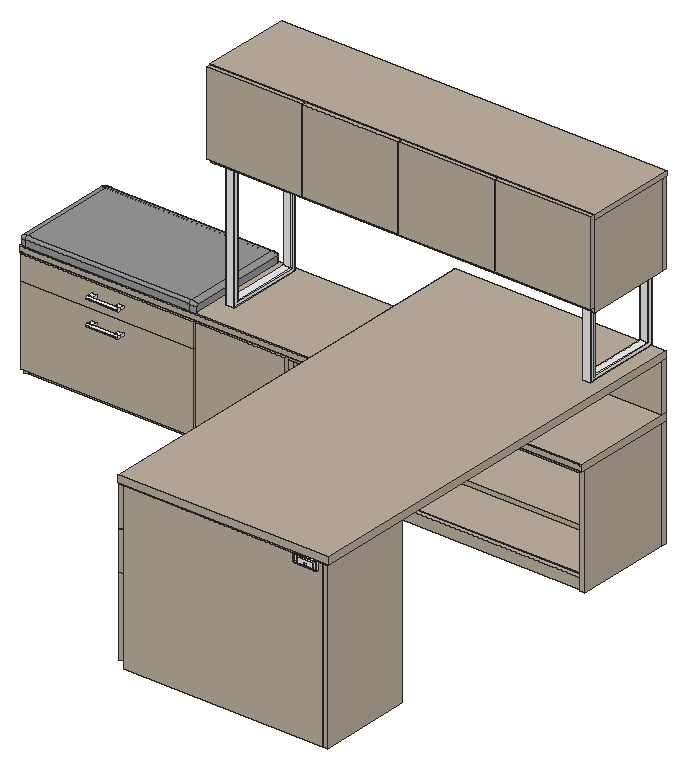
Revit family "VL010family", category Furniture, Revit 2015
Parameters
  Species = "Vision Laminate"
  Manufacturer = "JSI"
  Description = "VL010"
Reference planes (in)
  plane 1 "Center Front/Back": y = 0
  plane 2: z = 0
  plane 3 "Center Left/Right": x = 0
Dimensions and locks (in)
  aligned and locked: level to plane 2
Nested families (in)
  nested 1: "JSI-Vision-Rectangle_Desk_Top" at (0, 0, -1.7400107) x (0, -1, 0) z (0, 0, 1), type "VL3672MCT, Laminate Rectangular Desk Top, 36" x 72""
    with Depth 3' - 0"
  nested 2: "JSI-Vision-Bench_H_Modular_Top" at (-95.9545236, -0.049993, -0.7459185), type "VLB1896MT, Laminate Mod Bench H Top, 18" x 96""
    with Width 8' - 0", Depth 1' - 6"
  nested 3: "JSI-Vision_Bench_Height_T_Sup" at (0.45464, -10.8, 19.9415815), type "VLB1036TSP, Laminate 36  Bench Height T Supports"
    with Width 2' - 11 5/8"
  nested 4: "JSI-Vision-BF_Modular_Bench_Ped" at (-95.9569301, -0.049993, 0), type "VLB1830MBF, Laminate BF Modular Bench H Ped"
    with Width 2' - 6"
  nested 5: "JSI-Vision-Sld_Door_Modular_Bench_Ped" at (-65.9569301, -0.1727771, 0), type "VLB1830MSD, Laminate Sld Door Modular Bench H Ped"
  nested 6: "JSI-Vision-Open_Shelf_Modular_Bench_Ped" at (-35.9569301, -0.049993, 0), type "VLB1836MOS, Laminate OS Modular Bench H Ped"
    with Width 3' - 0"
  nested 7: "JSI-Vision-Modular_BBF_Pedestal" at (-0.1444949, -55.7451225, 0) x (0, -1, 0) z (0, 0, 1), type "VL1636MBBF, Laminate Modular BBF Ped"
    with Ped Depth 3' - 0"
  nested 8: "JSI-Vision-Bench_H_Cushion" at (-95.9569301, -0.049993, 0.4597902), type "VS1830CUSH, 18d Bench H Cushion, 30 W"
    with Width 2' - 6", Depth 1' - 6"
  nested 9: "JSI-Vision-OH_Cab-Split_H_Post" at (0, 0.4511953, -10.0237654) x (-1, 0, 0) z (0, 0, 1), type "VL1666PSHD-2737, Laminate Split Height Post Support Overhead Cab. 16" x 66", 4 Doors"
    with Width 5' - 6", Verticall Partition Distance 2' - 9", Unit Centre 2' - 9", Door Width 1' - 4 5/16", Door Array Spacing 1' - 4 7/16"
Definition of nested family "JSI-Vision-Rectangle_Desk_Top"
  Parameters (values of type "VL3072MCT, Laminate Rectangular Desk Top, 30" x 72"")
    Worksurface = none
    Width = 6' - 0"
    URL = "www.jsifurniture.com"
    Type Comments = ""
    Series = "VISION CASEGOODS"  # constant formula
    Model = "VL3072MCT"
    Material = ""
    Manufacturer = "JSI"  # constant formula
    Keynote = "12500"
    JSI Enviromental Website = "http://www.jsifurniture.com/jsi_sustainability_intro.php"
    Height = 2' - 6"
    Description = "Laminate Modular Rectangular Desk Top, 30\" x 72\""
    Depth = 2' - 6"
    Assembly Code = "E2020200"
  Reference planes (in)
    plane 1 "Center Front/Back": y = 0
    plane 2: z = 0
    plane 3 "Center Left/Right": x = 0
    plane 4: z = 0
    plane 5: x = 72
    plane 6: y = -30
    plane 7: z = 31.1875
    plane 8: z = 30
  Forms (in)
    Extrusion 1, solid, material <- "Worksurface"
      sketch origin (0, 0, 28) x (0, 1, 0) y (0, 0, 1)
        loop
          line (-29.8818899, 2) -> (0, 2) -> (0, 3.1875) -> (-29.8818897, 3.1875)
          arc (-29.8818897, 3.1875) -> (-29.9654063, 3.1529063) -> (-30, 3.0693897) r 0.1181103
          line (-30, 3.0693897) -> (-30, 2.1181101)
          arc (-30, 2.1181101) -> (-29.9654064, 2.0345936) -> (-29.8818899, 2) r 0.1181101
      from 0 to 72
  Lines and regions (in)
    symbolic lines
      curve 1: line (0, 0, 0) -> (72, 0, 0)
      curve 2: line (0, -30, 0) -> (0, 0, 0)
      curve 3: line (72, -30, 0) -> (0, -30, 0)
      curve 4: line (72, 0, 0) -> (72, -30, 0)
  Dimensions and locks (in)
    "Depth": plane 6 to plane 1 "Center Front/Back"
    "Width": plane 5 to plane 3 "Center Left/Right"
    locked: plane 7 to plane 8 at 1.1875
    "Height": plane 8 to level
    aligned and locked: level to plane 2
    aligned and locked: plane 5 to Extrusion 1
    aligned and locked: curve 1 to Extrusion 1
    aligned and locked: curve 2 to Extrusion 1
    aligned and locked: curve 3 to plane 6
    aligned and locked: curve 4 to plane 5
    aligned and locked: Extrusion 1 to plane 8
    aligned and locked: Extrusion 1 to plane 7
  Automatic sketch dimensions
    Extrusion 1 sketch curve to plane 6 = 0' - 0"
    level to Extrusion 1 sketch curve = 2' - 6"
    Extrusion 1 sketch curve to plane 7 = 0' - 0"
    Extrusion 1 sketch curve to plane 1 "Center Front/Back" = 0' - 0"
    Extrusion 1 sketch curve to Extrusion 1 sketch curve = 0' - 0.11811"
    plane 6 to Extrusion 1 sketch curve = 0' - 0.11811"
Definition of nested family "JSI-Vision-Bench_H_Modular_Top"
  Parameters (values of type "Bench H Modular Top - Type Catalog Family")
    Worksurface = none
    Width = 3' - 6"
    URL = "www.jsifurniture.com"
    Type Comments = ""
    Series = "VISION CASEGOODS"  # constant formula
    Model = "VLB3042MT"
    Material = ""
    Manufacturer = "JSI"  # constant formula
    Keynote = "12500"
    JSI Enviromental Website = "http://www.jsifurniture.com/jsi_sustainability_intro.php"
    Height = 1' - 7 1/2"
    Description = "Laminate Modular Bench Height Top, 30\" x 42\""
    Depth = 2' - 6"
    Assembly Code = "E2020200"
  Reference planes (in)
    plane 1 "Center Front/Back": y = 0
    plane 2: z = 0
    plane 3 "Center Left/Right": x = 0
    plane 4: z = 0
    plane 5: x = 42
    plane 6: y = -30
    plane 7: z = 20.6875
    plane 8: z = 19.5
  Forms (in)
    Extrusion 1, solid, material <- "Worksurface"
      sketch origin (0, 0, 28) x (0, 1, 0) y (0, 0, 1)
        loop
          line (-29.8818899, -8.5) -> (0, -8.5) -> (0, -7.3125) -> (-29.8818897, -7.3125)
          arc (-29.8818897, -7.3125) -> (-29.9654063, -7.3470937) -> (-30, -7.4306103) r 0.1181103
          line (-30, -7.4306103) -> (-30, -8.3818899)
          arc (-30, -8.3818899) -> (-29.9654064, -8.4654064) -> (-29.8818899, -8.5) r 0.1181101
      from 0 to 42
  Lines and regions (in)
    symbolic lines
      curve 1: line (0, 0, 0) -> (42, 0, 0)
      curve 2: line (0, -30, 0) -> (0, 0, 0)
      curve 3: line (42, -30, 0) -> (0, -30, 0)
      curve 4: line (42, 0, 0) -> (42, -30, 0)
  Dimensions and locks (in)
    "Depth": plane 6 to plane 1 "Center Front/Back"
    "Width": plane 5 to plane 3 "Center Left/Right"
    locked: plane 7 to plane 8 at 1.1875
    "Height": plane 8 to level
    aligned and locked: level to plane 2
    aligned and locked: plane 5 to Extrusion 1
    aligned and locked: curve 1 to Extrusion 1
    aligned and locked: curve 2 to Extrusion 1
    aligned and locked: plane 6 to curve 3
    aligned and locked: curve 4 to plane 5
    aligned and locked: Extrusion 1 to plane 8
    aligned and locked: Extrusion 1 to plane 7
  Automatic sketch dimensions
    Extrusion 1 sketch curve to plane 6 = 0' - 0"
    level to Extrusion 1 sketch curve = 1' - 7 1/2"
    Extrusion 1 sketch curve to plane 7 = 0' - 0"
    Extrusion 1 sketch curve to plane 1 "Center Front/Back" = 0' - 0"
    Extrusion 1 sketch curve to Extrusion 1 sketch curve = 0' - 0.11811"
    plane 6 to Extrusion 1 sketch curve = 0' - 0.11811"
Definition of nested family "JSI-Vision_Bench_Height_T_Sup"
  Parameters (values of type "Bench Height T Support - Type Catalog Family")
    Chassis = none
    Width = 1' - 11 5/8"
    URL = "www.jsifurniture.com"
    Type Comments = ""
    Series = "VISION CASEGOODS"  # constant formula
    Model = "VLB1024TSP"
    Material = ""
    Manufacturer = "JSI"  # constant formula
    Keynote = "12500"
    JSI Enviromental Website = "http://www.jsifurniture.com/jsi_sustainability_intro.php"
    Height = 0' - 8 5/16"
    Grommet Finish = none
    Description = "Bench Height \"T\" Supports, Depth 9 3/4\"”, Width 23 5/8\"”,Height 8 5/16\"”, Laminate Worksurface"
    Depth = 0' - 9 3/4"
    Assembly Code = "E2020200"
  Reference planes (in)
    plane 1: z = 0
    plane 2 "Center (Left/Right)": x = -36.0641344
    plane 3: z = 8.3125
    plane 4: y = 1
    plane 5 "Center (Front/Back)": y = 10.75
    plane 6: x = -24.2516344
    plane 7: x = -12.4391344
    plane 8: z = 6.9211195
    plane 9: y = 10
    plane 10: y = 8
    plane 11: z = 6.875
    plane 12: x = -23.8766344
    plane 13: x = -24.6266344
  Forms (in)
    Extrusion 1, solid, material <- "Chassis"
      sketch origin (0, 10.75, 0) x (1, 0, 0) y (0, 0, 1)
        loop
          line (-36.0641344, 8.3125) -> (-36.0641344, 0) -> (-12.4391344, 0) -> (-12.4391344, 8.3125) -> (-22.2719669, 8.3125) -> (-22.2719669, 7.1711195)
          arc (-22.2719669, 7.1711195) -> (-22.3451902, 6.9943428) -> (-22.5219669, 6.9211195) r 0.25
          line (-22.5219669, 6.9211195) -> (-25.981302, 6.9211195)
          arc (-25.981302, 6.9211195) -> (-26.1580787, 6.9943428) -> (-26.231302, 7.1711195) r 0.25
          line (-26.231302, 7.1711195) -> (-26.231302, 8.3125) -> (-36.0641344, 8.3125)
      from 0 to 0.75
    Extrusion 2, solid, material <- "Chassis"
      sketch origin (-36.0641344, 0, 0) x (0, 1, 0) y (0, 0, 1)
        loop
          line (10, 6.875) -> (8.25, 6.875)
          arc (8.25, 6.875) -> (8.0732233, 6.9482233) -> (8, 7.125) r 0.25
          line (8, 7.125) -> (8, 8.3125) -> (1, 8.3125) -> (1, 0) -> (10, 0) -> (10, 6.875)
      from 11.4375 to 12.1875
  Lines and regions (in)
    symbolic lines
      curve 1: line (-12.4391344, 10.75, 0) -> (-36.0641344, 10.75, 0)
      curve 2: line (-36.0641344, 10.75, 0) -> (-36.0641344, 10, 0)
      curve 3: line (-36.0641344, 10, 0) -> (-12.4391344, 10, 0)
      curve 4: line (-12.4391344, 10, 0) -> (-12.4391344, 10.75, 0)
      curve 5: line (-24.6266344, 10, 0) -> (-24.6266344, 1, 0)
      curve 6: line (-23.8766344, 1, 0) -> (-23.8766344, 10, 0)
      curve 7: line (-24.6266344, 1, 0) -> (-23.8766344, 1, 0)
  Dimensions and locks (in)
    "Height": plane 3 to level
    "Depth": plane 5 "Center (Front/Back)" to plane 4
    equal spacing: plane 2 "Center (Left/Right)", plane 6, plane 7
    "Width": plane 2 "Center (Left/Right)" to plane 7
    locked: plane 3 to plane 8 at 1.3913805
    locked: plane 5 "Center (Front/Back)" to plane 9 at 0.75
    locked: plane 3 to plane 11 at 1.4375
    locked: plane 5 "Center (Front/Back)" to plane 10 at 2.75
    plane 12 to plane 6 to plane 13 = 0' - 0 3/8" locked, 0' - 0 3/8" locked
    Extrusion 1 sketch curve to plane 6 to Extrusion 1 sketch curve = 0' - 1.97967" locked, 0' - 1.97967" locked
    locked: nested 1 to plane 6 at 1.8900002
    aligned and locked: level to plane 1
    aligned and locked: plane 8 to Extrusion 1 sketch curve
    aligned and locked: plane 3 to Extrusion 1 sketch curve
    aligned and locked: Extrusion 1 sketch curve to plane 3
    aligned and locked: Extrusion 1 sketch curve to plane 2 "Center (Left/Right)"
    aligned and locked: Extrusion 1 sketch curve to plane 7
    aligned and locked: Extrusion 1 sketch curve to level
    aligned and locked: Extrusion 1 to plane 9
    aligned and locked: Extrusion 1 to plane 5 "Center (Front/Back)"
    aligned and locked: Extrusion 2 sketch curve to plane 9
    aligned and locked: Extrusion 2 sketch curve to plane 3
    aligned and locked: plane 4 to Extrusion 2 sketch curve
    aligned and locked: level to Extrusion 2 sketch curve
    aligned and locked: Extrusion 2 sketch curve to plane 10
    aligned and locked: Extrusion 2 sketch curve to plane 11
    aligned and locked: plane 12 to Extrusion 2
    aligned and locked: Extrusion 2 to plane 13
    aligned and locked: curve 1 to Extrusion 1
    aligned and locked: curve 2 to Extrusion 1
    aligned and locked: curve 3 to Extrusion 1
    aligned and locked: curve 4 to Extrusion 1
    aligned and locked: curve 5 to Extrusion 2
    aligned and locked: curve 6 to Extrusion 2
    aligned and locked: curve 7 to Extrusion 2
    aligned and locked: plane 3 to nested 1
  Automatic sketch dimensions
    Extrusion 2 sketch curve to Extrusion 2 sketch curve = 0' - 0 1/4"
    Extrusion 1 sketch curve to Extrusion 1 sketch curve = 0' - 0 1/4"  (x2)
    curve 1 to plane 2 "Center (Left/Right)" = 0' - 0"
    plane 5 "Center (Front/Back)" to curve 1 = 0' - 0"
    curve 1 to plane 7 = 0' - 0"
    curve 2 to plane 9 = 0' - 0"
    curve 5 to plane 13 = 0' - 0"
    curve 6 to plane 4 = 0' - 0"
    curve 6 to plane 12 = 0' - 0"
  Nested families (in)
    nested 1: "Side Grommet" at (-24.2516344, 10.7500008, 6.9036998) x (0, -1, 0) z (0, 0, 1), Gromett Finish <- "Grommet Finish", type "Side Grommet"
      with Gromett Finish none
  Definition of nested family "Side Grommet"
    Parameters
      Gromett Finish [instance] = none
    Reference planes (in)
      plane 1 "Center Front/Back": y = 0
      plane 2: z = 0
      plane 3 "Center Left/Right": x = 0
      plane 4: x = -0.0499992
      plane 5: x = 0.8125
    Forms (in)
      Sweep 1, solid, material <- "Gromett Finish"
        path origin (0, 0, 0) x (0, 1, 0) y (0, 0, 1)
          loop
            line (2.0937501, 1.4088002) -> (2.0937501, 0.2762508)
            arc (2.0937501, 0.2762508) -> (1.9853793, 0.0146207) -> (1.7237492, -0.09375) r 0.3700008
            line (1.7237492, -0.09375) -> (-1.7237501, -0.09375)
            arc (-1.7237501, -0.09375) -> (-1.9853796, 0.0146205) -> (-2.0937501, 0.27625) r 0.37
            line (-2.0937501, 0.27625) -> (-2.0937501, 1.4088002)
        profile origin (0, 2.0937501, 0.8425255) x (1, 0, 0) y (0, 1, 0)
          loop
            arc (0, 0) -> (-0.0352472, -0.0135301) -> (-0.0499992, -0.0482837) r 0.0483131
            line (-0.0499992, -0.0482837) -> (-0.0499992, -0.2037499) -> (0, -0.2037499) -> (0, 0)
      Extrusion 2, solid, material <- "Gromett Finish"
        sketch origin (0, 0, 0) x (0, 1, 0) y (0, 0, 1)
          loop
            line (1.8743999, 1.2994499) -> (-1.87435, 1.2994499) -> (-1.87435, 0.3095608)
            arc (-1.87435, 0.3095608) -> (-1.8194325, 0.1769783) -> (-1.68685, 0.1220608) r 0.1875
            line (-1.68685, 0.1220608) -> (-1.37435, 0.1220608) -> (-1.37435, 0.8720055)
            arc (-1.37435, 0.8720055) -> (-1.3377384, 0.9603938) -> (-1.2493501, 0.9970054) r 0.125
            line (-1.2493501, 0.9970054) -> (1.2493999, 0.9970054)
            arc (1.2493999, 0.9970054) -> (1.3377883, 0.9603938) -> (1.3743999, 0.8720054) r 0.1250001
            line (1.3743999, 0.8720054) -> (1.3743999, 0.1220608) -> (1.6868999, 0.1220608)
            arc (1.6868999, 0.1220608) -> (1.8194824, 0.1769783) -> (1.8743999, 0.3095608) r 0.1875
            line (1.8743999, 0.3095608) -> (1.8743999, 1.2994499)
          loop
            line (1.3504, 0.1220608) -> (1.3504, 0.8720608)
            arc (1.3504, 0.8720608) -> (1.3208178, 0.9434785) -> (1.2494001, 0.9730606) r 0.1009998
            line (1.2494001, 0.9730606) -> (-1.2493501, 0.9730606)
            arc (-1.2493501, 0.9730606) -> (-1.3207677, 0.9434785) -> (-1.3503499, 0.8720608) r 0.1009998
            line (-1.3503499, 0.8720608) -> (-1.3503499, 0.1220608) -> (-0.2499752, 0.1220608) -> (-0.2499752, 0.3720608)
            arc (-0.2499752, 0.3720608) -> (0.0000249, 0.6220609) -> (0.250025, 0.3720608) r 0.2500001
            line (0.250025, 0.3720608) -> (0.250025, 0.1220608) -> (1.3504, 0.1220608)
        from -0.0499992 to 0
      Extrusion 3, solid, material <- "Gromett Finish"
        sketch origin (0, 0, 0) x (0, 1, 0) y (0, 0, 1)
          loop
            line (-1.8900002, 1.4088002) -> (-1.8900002, 1.3150502) -> (1.8900002, 1.3150502) -> (1.8900002, 1.4088002) -> (-1.8900002, 1.4088002)
        from -0.0499992 to 0.8125
    Dimensions and locks (in)
      aligned and locked: level to plane 2
      aligned and locked: plane 4 to Sweep 1
      aligned and locked: plane 4 to Extrusion 2
      aligned and locked: plane 3 "Center Left/Right" to Extrusion 2
      aligned and locked: Sweep 1 to Extrusion 3 sketch curve
      aligned and locked: Extrusion 3 sketch curve to Sweep 1
      aligned and locked: plane 4 to Extrusion 3
      aligned and locked: Extrusion 3 to plane 5
Definition of nested family "JSI-Vision-BF_Modular_Bench_Ped"
  Parameters (values of type "BF Mod Bench H Ped - Type Catalog Family")
    Width = 1' - 6"
    URL = "www.jsifurniture.com"
    Top = none
    Tag = "BF"
    Series = "VISION CASEGOODS"  # constant formula
    Pull Finish = none
    Model = "VLB1818MBF"
    Manufacturer = "JSI"  # constant formula
    Keynote = "12500"
    JSI Enviromental Website = "http://www.jsifurniture.com/jsi_sustainability_intro.php"
    Height = 1' - 6 3/4"
    Description = "Laminate Box/File Modular Bench Height Pedestal"
    Depth = 1' - 6"
    Chassis = none
    Drawer Front = none
    Assembly Code = "E2020200"
  Reference planes (in)
    plane 1 "Center Front/Back": y = 0
    plane 2: z = 0
    plane 3 "Center Left/Right": x = 0
    plane 4: x = 18
    plane 5: y = -17.1199994
    plane 6: y = -17.25
    plane 7: x = 0.1871643
    plane 8: x = 17.8124352
    plane 9: y = -18
    plane 10: z = 1.0403155
    plane 11: z = 14.4153156
    plane 12: z = 14.5159249
    plane 13: x = 0.75
    plane 14: x = 17.125999
    plane 15: y = -0.8125
    plane 16: y = -16.379133
    plane 17: z = 12.4153161
    plane 18: z = 16.640902
    plane 19: x = 9
    plane 20: z = 18.75
    plane 21: z = 18.6409016
    plane 22: z = 18
  Forms (in)
    Extrusion 1, solid, material <- "Chassis"
      sketch origin (0, 0, 0) x (1, 0, 0) y (0, 1, 0)
        loop
          line (0, 0) -> (0, -0.8125) -> (18, -0.8125) -> (18, 0) -> (0, 0)
      from 0 to 18.75
    Extrusion 2, solid, material <- "Chassis"
      sketch origin (0.125, -0.1875, 48) x (0, 1, 0) y (0, 0, 1)
        loop
          line (-0.625, -29.25) -> (-16.9324994, -29.25) -> (-16.9324994, -48) -> (-0.625, -48) -> (-0.625, -29.25)
      from -0.125 to 0.625
    Extrusion 3, solid, material <- "Chassis"
      sketch origin (29.875, -0.1875, 48) x (0, 1, 0) y (0, 0, 1)
        loop
          line (-0.625, -29.25) -> (-16.9324994, -29.25) -> (-16.9324994, -48) -> (-0.625, -48) -> (-0.625, -29.25)
      from -12.749001 to -11.875
    Extrusion 4, solid, material <- "Drawer Front"
      sketch origin (0, 0, 0) x (1, 0, 0) y (0, 0, 1)
        loop
          line (0.1871643, 18.6409016) -> (0.1871643, 14.5159249) -> (17.8124352, 14.5159249) -> (17.8124352, 18.6409016) -> (0.1871643, 18.6409016)
        loop
          line (0.1871643, 14.4153156) -> (0.1871643, 1.0403155) -> (17.8124352, 1.0403155) -> (17.8124352, 14.4153156) -> (0.1871643, 14.4153156)
      from 17.25 to 18
    Extrusion 5, solid, material <- "Chassis"
      sketch origin (0, 0, 0) x (1, 0, 0) y (0, 1, 0)
        loop
          line (0.75, -16.379133) -> (0.75, -17.1199994) -> (17.125999, -17.1199994) -> (17.125999, -16.379133) -> (0.75, -16.379133)
      from 0 to 1.9374999
    Extrusion 6, solid, material <- "Top"
      sketch origin (0, 0, 0) x (0, 1, 0) y (0, 0, 1)
        loop
          line (-0.8125, 18.75) -> (-17.1199994, 18.75) -> (-17.1199994, 18) -> (-0.8125, 18) -> (-0.8125, 18.75)
      from 0.75 to 17.125999
  Lines and regions (in)
    symbolic lines
      curve 1: line (0, 0, 0) -> (18, 0, 0)
      curve 2: line (0, -17.1199994, 0) -> (0, 0, 0)
      curve 3: line (18, -17.1199994, 0) -> (0, -17.1199994, 0)
      curve 4: line (18, 0, 0) -> (18, -17.1199994, 0)
      curve 5: line (0.1871643, -17.25, 0) -> (17.8124352, -17.25, 0)
      curve 6: line (0.1871643, -18, 0) -> (0.1871643, -17.25, 0)
      curve 7: line (17.8124352, -18, 0) -> (0.1871643, -18, 0)
      curve 8: line (17.8124352, -17.25, 0) -> (17.8124352, -18, 0)
  Dimensions and locks (in)
    plane 16 to plane 5 to plane 6 to plane 9 = 0' - 0.74087" locked, 0' - 0.13" locked, 0' - 0 3/4" locked
    locked: plane 11 to plane 17 at 1.9999995
    "Depth": plane 1 "Center Front/Back" to plane 9
    locked: plane 21 to plane 20 at 0.1090984
    locked: plane 21 to plane 18 at 1.9999995
    plane 14 to plane 8 to plane 4 = 0' - 0.68644" locked, 0' - 0.18756" locked
    plane 3 "Center Left/Right" to plane 7 to plane 13 = 0' - 0.18716" locked, 0' - 0.56284" locked
    "Width": plane 3 "Center Left/Right" to plane 4
    equal spacing: plane 3 "Center Left/Right", plane 19, plane 4
    locked: plane 1 "Center Front/Back" to plane 15 at 0.8125
    "Height": plane 20 to level
    locked: plane 20 to plane 22 at 0.75
    aligned and locked: level to plane 2
    aligned and locked: plane 15 to Extrusion 1 sketch curve
    aligned and locked: plane 15 to Extrusion 2 sketch curve
    aligned and locked: Extrusion 2 sketch curve to plane 5
    aligned and locked: Extrusion 2 sketch curve to level
    aligned and locked: plane 13 to Extrusion 2
    aligned and locked: Extrusion 3 sketch curve to plane 15
    aligned and locked: level to Extrusion 3 sketch curve
    aligned and locked: plane 5 to Extrusion 3 sketch curve
    aligned and locked: Extrusion 4 sketch curve to plane 7  (x2)
    aligned and locked: plane 8 to Extrusion 4 sketch curve  (x2)
    aligned and locked: plane 12 to Extrusion 4 sketch curve
    aligned and locked: Extrusion 4 sketch curve to plane 11
    aligned and locked: plane 10 to Extrusion 4 sketch curve
    aligned and locked: Extrusion 4 to plane 9
    aligned and locked: plane 6 to Extrusion 4
    aligned and locked: Extrusion 5 sketch curve to plane 16
    aligned and locked: plane 13 to Extrusion 5 sketch curve
    aligned and locked: plane 17 to nested 1
    aligned and locked: nested 1 to plane 9
    aligned and locked: nested 2 to plane 9
    aligned and locked: plane 18 to nested 2
    aligned and locked: nested 2 to plane 19
    aligned and locked: nested 1 to plane 19
    aligned and locked: plane 19 to nested 3
    aligned and locked: nested 3 to plane 9
    aligned and locked: plane 20 to Extrusion 3
    aligned and locked: plane 20 to Extrusion 2
    aligned and locked: plane 20 to Extrusion 1
    aligned and locked: Extrusion 1 to plane 1 "Center Front/Back"
    aligned and locked: plane 21 to Extrusion 4 sketch curve
    aligned and locked: Extrusion 2 to plane 3 "Center Left/Right"
    aligned and locked: plane 3 "Center Left/Right" to curve 2
    aligned and locked: Extrusion 1 to plane 3 "Center Left/Right"
    aligned and locked: plane 1 "Center Front/Back" to curve 1
    aligned and locked: plane 4 to Extrusion 1
    aligned and locked: plane 4 to Extrusion 3
    aligned and locked: curve 4 to plane 4
    aligned and locked: Extrusion 6 sketch curve to plane 20
    aligned and locked: Extrusion 3 to plane 14
    aligned and locked: Extrusion 6 to plane 5
    aligned and locked: plane 14 to Extrusion 6
  Automatic sketch dimensions
    Extrusion 5 sketch curve to plane 5 = 0' - 0"
    Extrusion 5 sketch curve to plane 14 = 0' - 0"
    plane 1 "Center Front/Back" to Extrusion 1 sketch curve = 0' - 0"
    plane 7 to Extrusion 1 sketch curve = 0' - 0.18716"
    curve 6 to plane 6 = 0' - 0"
    curve 6 to plane 7 = 0' - 0"
    curve 5 to plane 8 = 0' - 0"
    curve 6 to plane 9 = 0' - 0"
    curve 2 to plane 5 = 0' - 0"
    Extrusion 1 sketch curve to plane 8 = 0' - 0.18756"
    plane 1 "Center Front/Back" to Extrusion 6 sketch curve = 0' - 0 13/16"
    Extrusion 2 sketch curve to plane 20 = 0' - 0"
    Extrusion 3 sketch curve to plane 20 = 0' - 0"
    Extrusion 6 sketch curve to Extrusion 6 sketch curve = 0' - 0 3/4"
    plane 9 to Extrusion 6 sketch curve = 0' - 0.88"
  Nested families (in)
    nested 1: "Bar Pull" at (9, -18, 12.4153161), Pull Finish <- "Pull Finish", type "PL"
      with Pull Finish none
    nested 2: "Bar Pull" at (9, -18, 16.640902), Pull Finish <- "Pull Finish", type "PL"
      with Pull Finish none
    nested 3: "Label 1-16" at (9, -18, 0), type "DRWCFG"
  Definition of nested family "Bar Pull"
    Parameters
      Pull Finish [instance] = none
    Reference planes (in)
      plane 1 "Center Front/Back": y = 0
      plane 2: z = 0
      plane 3 "Center Left/Right": x = 0
      plane 4: x = -2.6873071
      plane 5: x = -1.8873079
      plane 6: x = 2.6873071
      plane 7: x = 1.8873079
      plane 8: y = -1
      plane 9: y = -0.8520212
    Forms (in)
      Extrusion 1, solid, material <- "Pull Finish"
        sketch origin (0, 0, 0) x (0, 1, 0) y (0, 0, 1)
          loop
            line (0, -0.2014997) -> (0, 0.2014997) -> (-0.8520212, 0.2014997)
            arc (-0.8520212, 0.2014997) -> (-0.75, 0) -> (-0.8520212, -0.2014997) r 0.2499992
            line (-0.8520212, -0.2014997) -> (0, -0.2014997)
        from 1.8873079 to 2.6873071
      Extrusion 2, solid, material <- "Pull Finish"
        sketch origin (0, 0, 0) x (0, 1, 0) y (0, 0, 1)
          loop
            circle (-1, 0) r 0.25
        from -2.6873071 to 2.6873071
      Extrusion 3, solid, material <- "Pull Finish"
        sketch origin (0, 0, 0) x (0, 1, 0) y (0, 0, -1)
          loop
            line (0, 0.2014997) -> (-0.8520212, 0.2014997)
            arc (-0.8520212, 0.2014997) -> (-0.75, 0) -> (-0.8520212, -0.2014997) r 0.2499992
            line (-0.8520212, -0.2014997) -> (0, -0.2014997) -> (0, 0.2014997)
        from 1.8873079 to 2.6873071
    Dimensions and locks (in)
      plane 4 to plane 5 to plane 3 "Center Left/Right" to plane 7 to plane 6 = 0' - 0.8" locked, 0' - 1.88731" locked, 0' - 1.88731" locked, 0' - 0.8" locked
      plane 8 to plane 9 to plane 1 "Center Front/Back" = 0' - 0.14798" locked, 0' - 0.85202" locked
      aligned and locked: level to plane 2
      aligned and locked: plane 4 to Extrusion 3
      aligned and locked: Extrusion 3 to plane 5
      aligned and locked: plane 4 to Extrusion 2
      aligned and locked: Extrusion 1 to plane 7
      aligned and locked: plane 6 to Extrusion 1
      aligned and locked: plane 6 to Extrusion 2
      aligned and locked: plane 8 to Extrusion 2 sketch curve
      aligned and locked: Extrusion 3 to plane 1 "Center Front/Back"
      aligned and locked: Extrusion 1 to plane 1 "Center Front/Back"
      aligned and locked: plane 5 to Extrusion 3
      aligned and locked: Extrusion 3 to plane 4
      aligned and locked: Extrusion 2 to plane 4
      aligned and locked: plane 7 to Extrusion 1
      aligned and locked: Extrusion 1 to plane 6
      aligned and locked: Extrusion 2 to plane 6
  Definition of nested family "Label 1-16"
    Parameters
      Width = 0' - 1"
      Model Name = "FF"
    Reference planes (in)
      plane 1: y = 0
      plane 2: x = 0
    Text (in)
      label "XX" at (0.0005059, -0.1232411, 0), shows "Model Name"
Definition of nested family "JSI-Vision-Sld_Door_Modular_Bench_Ped"
  Parameters (values of type "Sliding Door Modular Bench H Ped - Type Catalog Family")
    Width = 2' - 6"
    URL = "www.jsifurniture.com"
    Top = none
    Tag = "DOOR"
    Series = "VISION CASEGOODS"  # constant formula
    Model = "VLB1818MSD"
    Manufacturer = "JSI"  # constant formula
    Keynote = "12500"
    JSI Enviromental Website = "http://www.jsifurniture.com/jsi_sustainability_intro.php"
    Height = 1' - 6 3/4"
    Door Front = none
    Description = "Laminate Sliding Door Modular Bench Height Pedestal"
    Depth = 1' - 6"
    Chassis = none
    Assembly Code = "E2020200"
  Reference planes (in)
    plane 1 "Center Front/Back": y = 0
    plane 2: z = 0
    plane 3 "Center Left/Right": x = 0
    plane 4: x = 30
    plane 5: x = 0.1871643
    plane 6: x = 29.8124352
    plane 7: z = 10.332185
    plane 8: x = 0.75
    plane 9: x = 29.125999
    plane 10: y = -0.8125
    plane 11: y = -17.25
    plane 12: x = 15
    plane 13: z = 18.75
    plane 14: z = 18.6409016
    plane 15: z = 9.582185
    plane 16: z = 1.9374999
    plane 17: z = 1.1874999
    plane 18: y = -17
    plane 19: y = -18
    plane 20: x = 14.625
    plane 21: x = 15.375
    plane 22: y = -16.125
    plane 23: y = -15.1875
    plane 24: y = -15.9375
    plane 25: z = 1
    plane 26: z = 18
  Forms (in)
    Extrusion 1, solid, material <- "Chassis"
      sketch origin (0, 0, 0) x (1, 0, 0) y (0, 1, 0)
        loop
          line (0, 0) -> (0, -0.8125) -> (30, -0.8125) -> (30, 0) -> (0, 0)
      from 0 to 18.75
    Extrusion 2, solid, material <- "Chassis"
      sketch origin (0.125, -0.1875, 48) x (0, 1, 0) y (0, 0, 1)
        loop
          line (-0.625, -29.25) -> (-17.0625, -29.25) -> (-17.0625, -48) -> (-0.625, -48) -> (-0.625, -29.25)
      from -0.125 to 0.625
    Extrusion 3, solid, material <- "Chassis"
      sketch origin (29.875, -0.1875, 48) x (0, 1, 0) y (0, 0, 1)
        loop
          line (-0.625, -29.25) -> (-17.0625, -29.25) -> (-17.0625, -48) -> (-0.625, -48) -> (-0.625, -29.25)
      from -0.749001 to 0.125
    Extrusion 4, solid, material <- "Chassis"
      sketch origin (0, 0, 0) x (1, 0, 0) y (0, 1, 0)
        loop
          line (0.75, -15.1875) -> (0.75, -15.9375) -> (29.125999, -15.9375) -> (29.125999, -15.1875) -> (0.75, -15.1875)
      from 0 to 1.1874999
    Extrusion 5, solid, material <- "Chassis"
      sketch origin (0, 0, 0) x (0, 1, 0) y (0, 0, 1)
        loop
          line (-0.8125, 18) -> (-0.8125, 18.75) -> (-17.25, 18.75) -> (-17.25, 18) -> (-0.8125, 18)
        loop
          line (-0.8125, 1.1874999) -> (-0.8125, 1.9374999) -> (-17, 1.9374999) -> (-17, 1.1874999) -> (-0.8125, 1.1874999)
      from 0.75 to 29.125999
    Extrusion 6, solid, material <- "Door Front"
      sketch origin (0, 0, 0) x (0, 1, 0) y (0, 0, 1)
        loop
          line (-17.25, 1) -> (-17.25, 18.6409016) -> (-18, 18.6409016) -> (-18, 1) -> (-17.25, 1)
      from 0.1871643 to 15.375
    Extrusion 7, solid, material <- "Chassis"
      sketch origin (0, 0, 0) x (0, 1, 0) y (0, 0, 1)
        loop
          line (-0.8125, 9.582185) -> (-0.8125, 10.332185) -> (-15.75, 10.332185) -> (-15.75, 9.582185) -> (-0.8125, 9.582185)
      from 0.75 to 14.625
    Extrusion 8, solid, material <- "Chassis"
      sketch origin (0, 0, 0) x (0, 1, 0) y (0, 0, 1)
        loop
          line (-0.8125, 18) -> (-16.125, 18) -> (-16.125, 1.9374999) -> (-0.8125, 1.9374999) -> (-0.8125, 18)
      from 14.625 to 15.375
    Extrusion 9, solid, material <- "Chassis"
      sketch origin (30, 0, 0) x (0, 1, 0) y (0, 0, -1)
        loop
          line (-0.8125, -9.582185) -> (-15.75, -9.582185) -> (-15.75, -10.332185) -> (-0.8125, -10.332185) -> (-0.8125, -9.582185)
      from 0.874001 to 14.625
  Lines and regions (in)
    symbolic lines
      curve 1: line (0, 0, 0) -> (30, 0, 0)
      curve 2: line (0, -17.875, 0) -> (0, 0, 0)
      curve 3: line (30, -17.875, 0) -> (0, -17.875, 0)
      curve 4: line (30, 0, 0) -> (30, -17.875, 0)
  Dimensions and locks (in)
    plane 9 to plane 6 to plane 4 = 0' - 0.68644" locked, 0' - 0.18756" locked
    plane 3 "Center Left/Right" to plane 5 to plane 8 = 0' - 0.18716" locked, 0' - 0.56284" locked
    "Width": plane 3 "Center Left/Right" to plane 4
    equal spacing: plane 3 "Center Left/Right", plane 12, plane 4
    locked: plane 1 "Center Front/Back" to plane 10 at 0.8125
    plane 16 to plane 17 to level = 0' - 0 3/4" locked, 0' - 1 3/16" locked
    "Depth": plane 1 "Center Front/Back" to plane 19
    locked: plane 25 to level at 1
    locked: Extrusion 7 sketch curve to plane 22 at 0.375
    plane 20 to plane 12 to plane 21 = 0' - 0 3/8" locked, 0' - 0 3/8" locked
    plane 23 to plane 24 to plane 22 to plane 18 to plane 11 to plane 19 = 0' - 0 3/4" locked, 0' - 0 3/16" locked, 0' - 0 7/8" locked, 0' - 0 1/4" locked, 0' - 0 3/4" locked
    locked: plane 13 to plane 26 at 0.75
    locked: plane 14 to plane 13 at 0.1090984
    "Height": plane 13 to level
    aligned and locked: level to plane 2
    aligned and locked: plane 10 to Extrusion 1 sketch curve
    aligned and locked: plane 10 to Extrusion 2 sketch curve
    aligned and locked: Extrusion 2 sketch curve to level
    aligned and locked: Extrusion 3 sketch curve to plane 10
    aligned and locked: level to Extrusion 3 sketch curve
    aligned and locked: plane 8 to Extrusion 4 sketch curve
    aligned and locked: nested 1 to plane 12
    aligned and locked: plane 13 to Extrusion 1
    aligned and locked: Extrusion 1 to plane 1 "Center Front/Back"
    aligned and locked: plane 3 "Center Left/Right" to curve 2
    aligned and locked: Extrusion 1 to plane 3 "Center Left/Right"
    aligned and locked: plane 1 "Center Front/Back" to curve 1
    aligned and locked: plane 4 to Extrusion 1
    aligned and locked: curve 4 to plane 4
    aligned and locked: Extrusion 2 to plane 11
    aligned and locked: Extrusion 3 to plane 11
    aligned and locked: plane 10 to Extrusion 5 sketch curve  (x2)
    aligned and locked: plane 13 to Extrusion 5 sketch curve
    aligned and locked: Extrusion 5 sketch curve to plane 11
    aligned and locked: plane 16 to Extrusion 5 sketch curve
    aligned and locked: Extrusion 5 sketch curve to plane 17
    aligned and locked: Extrusion 3 to plane 9
    aligned and locked: plane 4 to Extrusion 3
    aligned and locked: nested 1 to plane 19
    aligned and locked: plane 17 to Extrusion 4
    aligned and locked: plane 23 to Extrusion 4
    aligned and locked: Extrusion 4 to plane 24
    aligned and locked: Extrusion 6 sketch curve to plane 14
    aligned and locked: plane 11 to Extrusion 6 sketch curve
    aligned and locked: Extrusion 6 sketch curve to plane 19
    aligned and locked: Extrusion 6 sketch curve to plane 25
    aligned and locked: plane 21 to Extrusion 6
    aligned and locked: plane 5 to Extrusion 6
    aligned and locked: Extrusion 5 to plane 18
    aligned and locked: plane 10 to Extrusion 7 sketch curve
    aligned and locked: plane 7 to Extrusion 7 sketch curve
    aligned and locked: Extrusion 7 sketch curve to plane 15
    aligned and locked: Extrusion 7 to plane 8
    aligned and locked: Extrusion 7 to plane 20
    aligned and locked: plane 16 to Extrusion 8 sketch curve
    aligned and locked: plane 22 to Extrusion 8 sketch curve
    aligned and locked: Extrusion 8 sketch curve to plane 10
    aligned and locked: plane 20 to Extrusion 8
    aligned and locked: plane 21 to Extrusion 8
    aligned and locked: Extrusion 9 to plane 21
    aligned and locked: plane 7 to Extrusion 9
    aligned and locked: Extrusion 9 to plane 15
    aligned and locked: plane 9 to Extrusion 9
    aligned and locked: plane 10 to Extrusion 9
    aligned and locked: Extrusion 9 to Extrusion 7
    aligned and locked: plane 9 to Extrusion 5
    aligned and locked: Extrusion 5 to plane 26
    aligned and locked: plane 26 to Extrusion 8
  Automatic sketch dimensions
    plane 19 to curve 4 = 0' - 0 1/8"
    Extrusion 1 sketch curve to plane 3 "Center Left/Right" = 0' - 0"
    Extrusion 1 sketch curve to plane 4 = 0' - 0"
    plane 1 "Center Front/Back" to Extrusion 1 sketch curve = 0' - 0"
    Extrusion 2 sketch curve to plane 11 = 0' - 0"
    Extrusion 2 sketch curve to plane 13 = 0' - 0"
    Extrusion 3 sketch curve to plane 11 = 0' - 0"
    Extrusion 3 sketch curve to plane 13 = 0' - 0"
    Extrusion 4 sketch curve to plane 9 = 0' - 0"
    Extrusion 4 sketch curve to plane 24 = 0' - 0"
    Extrusion 4 sketch curve to plane 23 = 0' - 0"
    Extrusion 5 sketch curve to plane 18 = 0' - 0"
    plane 14 to Extrusion 5 sketch curve = 0' - 0.6409"
    plane 15 to Extrusion 9 sketch curve = 0' - 0"
    Extrusion 9 sketch curve to plane 7 = 0' - 0"
    plane 10 to Extrusion 9 sketch curve = 0' - 0"
    plane 24 to Extrusion 9 sketch curve = 0' - 0 3/16"
    plane 26 to Extrusion 8 sketch curve = 0' - 0"
  Nested families (in)
    nested 1: "Label 1-16" at (15, -18, 0), type "DRWCFG"
  Definition of nested family "Label 1-16"
    Parameters
      Width = 0' - 1"
      Model Name = "DOOR"
    Reference planes (in)
      plane 1: y = 0
      plane 2: x = 0
    Text (in)
      label "XX" at (0.0005059, -0.1232411, 0), shows "Model Name"
Definition of nested family "JSI-Vision-Open_Shelf_Modular_Bench_Ped"
  Parameters (values of type "Open Shelf Modular Bench H Ped - Type Catalog Family")
    Width = 1' - 6"
    URL = "www.jsifurniture.com"
    Top = none
    Tag = "OS"
    Series = "VISION CASEGOODS"  # constant formula
    Model = "VLB1818MOS"
    Manufacturer = "JSI"  # constant formula
    Keynote = "12500"
    JSI Enviromental Website = "http://www.jsifurniture.com/jsi_sustainability_intro.php"
    Height = 1' - 6 3/4"
    Description = "Laminate Open Shelf Modular Bench Height Pedestal"
    Depth = 1' - 6"
    Chassis = none
    Assembly Code = "E2020200"
  Reference planes (in)
    plane 1 "Center Front/Back": y = 0
    plane 2: z = 0
    plane 3 "Center Left/Right": x = 0
    plane 4: x = 18
    plane 5: x = 0.1871643
    plane 6: x = 17.8124352
    plane 7: z = 9.375
    plane 8: x = 0.75
    plane 9: x = 17.125999
    plane 10: y = -0.8125
    plane 11: y = -17.25
    plane 12: x = 9
    plane 13: z = 18.8590984
    plane 14: z = 18.75
    plane 15: z = 8.625
    plane 16: z = 1.9374999
    plane 17: z = 1.1874999
    plane 18: y = -17.875
    plane 19: y = -16.25
    plane 20: y = -17
    plane 21: y = -18
    plane 22: z = 18.1090984
  Forms (in)
    Extrusion 1, solid, material <- "Chassis"
      sketch origin (0, 0, 0) x (1, 0, 0) y (0, 1, 0)
        loop
          line (0, 0) -> (0, -0.8125) -> (18, -0.8125) -> (18, 0) -> (0, 0)
      from 0 to 18.8590984
    Extrusion 2, solid, material <- "Chassis"
      sketch origin (0.125, -0.1875, 48) x (0, 1, 0) y (0, 0, 1)
        loop
          line (-0.625, -29.1409016) -> (-17.0625, -29.1409016) -> (-17.0625, -48) -> (-0.625, -48) -> (-0.625, -29.1409016)
      from -0.125 to 0.625
    Extrusion 3, solid, material <- "Chassis"
      sketch origin (29.875, -0.1875, 48) x (0, 1, 0) y (0, 0, 1)
        loop
          line (-0.625, -29.1409016) -> (-17.0625, -29.1409016) -> (-17.0625, -48) -> (-0.625, -48) -> (-0.625, -29.1409016)
      from -12.749001 to -11.875
    Extrusion 4, solid, material <- "Chassis"
      sketch origin (0, 0, 0) x (1, 0, 0) y (0, 1, 0)
        loop
          line (0.75, -16.25) -> (0.75, -17) -> (17.125999, -17) -> (17.125999, -16.25) -> (0.75, -16.25)
      from 0 to 1.9374999
    Extrusion 5, solid, material <- "Chassis"
      sketch origin (0, 0, 0) x (0, 1, 0) y (0, 0, 1)
        loop
          line (-16.25, 9.375) -> (-16.25, 8.625) -> (-0.8125, 8.625) -> (-0.8125, 9.375) -> (-16.25, 9.375)
        loop
          line (-0.8125, 18.1090984) -> (-0.8125, 18.8590984) -> (-17.25, 18.8590984) -> (-17.25, 18.1090984) -> (-0.8125, 18.1090984)
        loop
          line (-0.8125, 1.1874999) -> (-0.8125, 1.9374999) -> (-16.25, 1.9374999) -> (-16.25, 1.1874999) -> (-0.8125, 1.1874999)
      from 0.75 to 17.125999
  Lines and regions (in)
    symbolic lines
      curve 1: line (0, 0, 0) -> (18, 0, 0)
      curve 2: line (0, -17.875, 0) -> (0, 0, 0)
      curve 3: line (18, -17.875, 0) -> (0, -17.875, 0)
      curve 4: line (18, 0, 0) -> (18, -17.875, 0)
  Dimensions and locks (in)
    locked: plane 14 to plane 13 at 0.1090984
    plane 9 to plane 6 to plane 4 = 0' - 0.68644" locked, 0' - 0.18756" locked
    plane 3 "Center Left/Right" to plane 5 to plane 8 = 0' - 0.18716" locked, 0' - 0.56284" locked
    "Width": plane 3 "Center Left/Right" to plane 4
    equal spacing: plane 3 "Center Left/Right", plane 12, plane 4
    locked: plane 1 "Center Front/Back" to plane 10 at 0.8125
    plane 16 to plane 17 to level = 0' - 0 3/4" locked, 0' - 1 3/16" locked
    plane 19 to plane 20 to plane 11 to plane 18 to plane 21 = 0' - 0 3/4" locked, 0' - 0 1/4" locked, 0' - 0 5/8" locked, 0' - 0 1/8" locked
    "Depth": plane 1 "Center Front/Back" to plane 21
    locked: plane 13 to plane 22 at 0.75
    "Height": level to plane 14
    aligned and locked: level to plane 2
    aligned and locked: plane 10 to Extrusion 1 sketch curve
    aligned and locked: plane 10 to Extrusion 2 sketch curve
    aligned and locked: Extrusion 2 sketch curve to level
    aligned and locked: Extrusion 3 sketch curve to plane 10
    aligned and locked: level to Extrusion 3 sketch curve
    aligned and locked: plane 8 to Extrusion 4 sketch curve
    aligned and locked: plane 12 to nested 1
    aligned and locked: plane 13 to Extrusion 1
    aligned and locked: Extrusion 1 to plane 1 "Center Front/Back"
    aligned and locked: plane 3 "Center Left/Right" to curve 2
    aligned and locked: Extrusion 1 to plane 3 "Center Left/Right"
    aligned and locked: plane 1 "Center Front/Back" to curve 1
    aligned and locked: plane 4 to Extrusion 1
    aligned and locked: curve 4 to plane 4
    aligned and locked: plane 10 to Extrusion 5 sketch curve  (x3)
    aligned and locked: plane 7 to Extrusion 5 sketch curve
    aligned and locked: Extrusion 5 sketch curve to plane 15
    aligned and locked: Extrusion 5 to plane 8
    aligned and locked: plane 9 to Extrusion 5
    aligned and locked: Extrusion 2 to plane 11
    aligned and locked: Extrusion 3 to plane 11
    aligned and locked: plane 19 to Extrusion 4
    aligned and locked: Extrusion 4 to plane 20
    aligned and locked: Extrusion 5 to plane 19
    aligned and locked: plane 13 to Extrusion 5 sketch curve
    aligned and locked: Extrusion 5 sketch curve to plane 11
    aligned and locked: plane 16 to Extrusion 5 sketch curve
    aligned and locked: Extrusion 5 sketch curve to plane 17
    aligned and locked: Extrusion 5 sketch curve to plane 19
    aligned and locked: plane 18 to curve 3
    aligned and locked: Extrusion 3 to plane 9
    aligned and locked: plane 4 to Extrusion 3
    aligned and locked: nested 1 to plane 21
    aligned and locked: Extrusion 5 to plane 22
  Automatic sketch dimensions
    Extrusion 4 sketch curve to plane 9 = 0' - 0"
    plane 1 "Center Front/Back" to Extrusion 1 sketch curve = 0' - 0"
    plane 5 to Extrusion 1 sketch curve = 0' - 0.18716"
    Extrusion 1 sketch curve to plane 6 = 0' - 0.18756"
    plane 11 to Extrusion 2 sketch curve = 0' - 0"
    plane 11 to Extrusion 3 sketch curve = 0' - 0"
    plane 18 to Extrusion 4 sketch curve = 0' - 0 7/8"
    plane 11 to Extrusion 4 sketch curve = 0' - 1"
    Extrusion 5 sketch curve to plane 19 = 0' - 0"
    plane 14 to Extrusion 5 sketch curve = 0' - 0.6409"
    Extrusion 2 sketch curve to plane 13 = 0' - 0"
    Extrusion 3 sketch curve to plane 13 = 0' - 0"
  Nested families (in)
    nested 1: "Label 1-16" at (9, -18, 0), type "DRWCFG"
  Definition of nested family "Label 1-16"
    Parameters
      Width = 0' - 1"
      Model Name = "FF"
    Reference planes (in)
      plane 1: y = 0
      plane 2: x = 0
    Text (in)
      label "XX" at (0.0005059, -0.1232411, 0), shows "Model Name"
Definition of nested family "JSI-Vision-Modular_BBF_Pedestal"
  Parameters (values of type "Modular BBF Ped - Type Catalog Family")
    URL = "www.jsifurniture.com"
    Tag = "BBF"
    Series = "VISION CASEGOODS"  # constant formula
    Pull Finish = none
    Ped Width = 1' - 4"
    Ped Height = 2' - 4"
    Model = "VL1620MBBF"
    Manufacturer = "JSI"  # constant formula
    Keynote = "12500"
    JSI Enviromental website = "http://www.jsifurniture.com/jsi_sustainability_intro.php"
    Description = "Laminate Modular BBF Pedestal 16\"W x 20\"D"
    Chassis = none
    Ped Depth = 1' - 8"
    Grommet Finish = none
    Drawer Front = none
    Assembly Code = "E2020200"
  Reference planes (in)
    plane 1 "Center Front/Back": y = 0
    plane 2: z = 0
    plane 3 "Center Left/Right": x = 0
    plane 4: x = 0.125
    plane 5: x = 16.125
    plane 6: x = 16.2499995
    plane 7: y = -18.9795004
    plane 8: y = -0.1875
    plane 9: y = -19.109501
    plane 10: x = 0.1871643
    plane 11: x = 16.0624347
    plane 12: y = -19.859501
    plane 13: z = 1.0403165
    plane 14: z = 14.4153166
    plane 15: z = 14.5159259
    plane 16: z = 27.8909264
    plane 17: z = 28
    plane 18: x = 0.875
    plane 19: x = 15.3759985
    plane 20: y = -0.9375
    plane 21: y = -18.238634
    plane 22: z = 12.4153171
    plane 23: z = 25.8909268
    plane 24: z = 26.5625019
    plane 25: y = -3.9375001
    plane 26: x = 8.1249998
    plane 27: y = -20
    plane 28: y = -9.8026575
    plane 29: y = -14.8026575
    plane 30: z = 27.1875
    plane 31: z = 21.2659261
    plane 32: z = 21.1409261
    plane 33: z = 19.1409261
  Forms (in)
    Extrusion 1, solid, material <- "Chassis"
      sketch origin (0, 0, 0) x (1, 0, 0) y (0, 1, 0)
        loop
          line (0.125, -0.1875) -> (0.125, -0.9375) -> (16.125, -0.9375) -> (16.125, -0.1875) -> (0.125, -0.1875)
      from 0 to 28
    Extrusion 2, solid, material <- "Chassis"
      sketch origin (0.125, -0.1875, 48) x (0, 1, 0) y (0, 0, 1)
        loop
          line (-0.75, -20) -> (-1.7499999, -20) -> (-1.7499999, -21.187498)
          arc (-1.7499999, -21.187498) -> (-1.8232233, -21.3642748) -> (-2.0000001, -21.4374981) r 0.2500001
          line (-2.0000001, -21.4374981) -> (-5.5000008, -21.4374981)
          arc (-5.5000008, -21.4374981) -> (-5.6767769, -21.3642751) -> (-5.7499999, -21.187499) r 0.249999
          line (-5.7499999, -21.187499) -> (-5.7499999, -20) -> (-18.7920004, -20) -> (-18.7920004, -48) -> (-0.75, -48) -> (-0.75, -20)
      from 0 to 0.75
    Extrusion 3, solid, material <- "Chassis"
      sketch origin (16.125, -0.1875, 48) x (0, 1, 0) y (0, 0, 1)
        loop
          line (-0.75, -20) -> (-1.7499999, -20) -> (-1.7499999, -21.187498)
          arc (-1.7499999, -21.187498) -> (-1.8232233, -21.3642748) -> (-2.0000001, -21.4374981) r 0.2500001
          line (-2.0000001, -21.4374981) -> (-5.5000008, -21.4374981)
          arc (-5.5000008, -21.4374981) -> (-5.6767769, -21.3642751) -> (-5.7499999, -21.187499) r 0.249999
          line (-5.7499999, -21.187499) -> (-5.7499999, -20) -> (-18.7920004, -20) -> (-18.7920004, -48) -> (-0.75, -48) -> (-0.75, -20)
      from -0.7490015 to 0
    Extrusion 4, solid, material <- "Drawer Front"
      sketch origin (0, 0, 0) x (1, 0, 0) y (0, 0, 1)
        loop
          line (0.1871643, 27.8909264) -> (0.1871643, 21.2659261) -> (16.0624347, 21.2659261) -> (16.0624347, 27.8909264) -> (0.1871643, 27.8909264)
        loop
          line (16.0624347, 14.5159259) -> (16.0624347, 21.1409261) -> (0.1871643, 21.1409261) -> (0.1871643, 14.5159259) -> (16.0624347, 14.5159259)
        loop
          line (0.1871643, 14.4153166) -> (0.1871643, 1.0403165) -> (16.0624347, 1.0403165) -> (16.0624347, 14.4153166) -> (0.1871643, 14.4153166)
      from 19.109501 to 19.859501
    Extrusion 5, solid, material <- "Chassis"
      sketch origin (0, 0, 0) x (1, 0, 0) y (0, 1, 0)
        loop
          line (0.875, -18.238634) -> (0.875, -18.9795004) -> (15.3759985, -18.9795004) -> (15.3759985, -18.238634) -> (0.875, -18.238634)
      from 0 to 1.9374999
    Extrusion 6, solid, material <- "Chassis"
      sketch origin (0, 0, 0) x (0, 1, 0) y (0, 0, 1)
        loop
          line (-9.8026575, 27.1875) -> (-9.8026575, 27.8909264) -> (-14.8026575, 27.8909264) -> (-14.8026575, 27.1875) -> (-9.8026575, 27.1875)
      from 0.875 to 15.3759985
  Lines and regions (in)
    symbolic lines
      curve 1: line (0.125, -0.1875, 0) -> (16.125, -0.1875, 0)
      curve 2: line (0.125, -18.9795004, 0) -> (0.125, -0.1875, 0)
      curve 3: line (16.125, -0.1875, 0) -> (16.125, -18.9795004, 0)
      curve 4: line (0.1871643, -19.109501, 0) -> (16.0624347, -19.109501, 0)
      curve 5: line (0.1871643, -19.859501, 0) -> (0.1871643, -19.109501, 0)
      curve 6: line (16.0624347, -19.859501, 0) -> (0.1871643, -19.859501, 0)
      curve 7: line (16.0624347, -19.109501, 0) -> (16.0624347, -19.859501, 0)
      curve 8: line (0.125, -0.9375, 0) -> (16.125, -0.9375, 0)
      curve 9: line (0.875, -0.9375, 0) -> (0.875, -18.9795004, 0)
      curve 10: line (0.125, -18.9795004, 0) -> (0.875, -18.9795004, 0)
      curve 11: line (15.3759985, -0.9375, 0) -> (15.3759985, -18.9795004, 0)
      curve 12: line (15.3759985, -18.9795004, 0) -> (16.125, -18.9795004, 0)
  Dimensions and locks (in)
    plane 3 "Center Left/Right" to plane 4 = 0' - 0 1/8"
    locked: plane 5 to plane 6 at 0.1249995
    "Ped Width": plane 4 to plane 5
    locked: plane 1 "Center Front/Back" to plane 8 at 0.1875
    "Ped Height": plane 17 to level
    plane 17 to plane 16 to plane 15 to plane 14 to plane 13 = 0' - 0.10907" locked, 1' - 1 3/8" locked, 0' - 0.10061" locked, 1' - 1 3/8" locked
    locked: plane 8 to plane 20 at 0.75
    plane 21 to plane 7 to plane 9 to plane 12 = 0' - 0.74087" locked, 0' - 0.13" locked, 0' - 0 3/4" locked
    locked: Extrusion 2 sketch curve to Extrusion 2 sketch curve at 3.9999999
    locked: plane 17 to Extrusion 2 sketch curve at 1.4374981
    locked: Extrusion 3 sketch curve to Extrusion 3 sketch curve at 3.9999999
    locked: plane 17 to Extrusion 2 at 1.4374981
    plane 4 to plane 10 to plane 18 = 0' - 0.06216" locked, 0' - 0.68784" locked
    plane 19 to plane 11 to plane 5 = 0' - 0.68644" locked, 0' - 0.06257" locked
    locked: plane 16 to plane 23 at 1.9999995
    locked: plane 14 to plane 22 at 1.9999995
    locked: plane 17 to plane 24 at 1.4374981
    locked: plane 1 "Center Front/Back" to plane 25 at 3.9375001
    plane 3 "Center Left/Right" to plane 26 to plane 6 = 0' - 8 1/8", 0' - 8 1/8"
    "Ped Depth": plane 27 to plane 1 "Center Front/Back"
    locked: plane 12 to plane 27 at 0.140499
    plane 28 to plane 29 to plane 27 = 0' - 5" locked, 0' - 5.19734" locked
    plane 31 to plane 32 to plane 33 to plane 15 = 0' - 0 1/8" locked, 0' - 2" locked, 0' - 4 5/8" locked
    aligned and locked: level to plane 2
    aligned and locked: Extrusion 1 sketch curve to plane 8
    aligned and locked: plane 4 to Extrusion 1 sketch curve
    aligned and locked: plane 20 to Extrusion 1 sketch curve
    aligned and locked: Extrusion 1 sketch curve to plane 5
    aligned and locked: plane 17 to Extrusion 1
    aligned and locked: plane 20 to Extrusion 2 sketch curve
    aligned and locked: Extrusion 2 sketch curve to plane 7
    aligned and locked: Extrusion 2 sketch curve to level
    aligned and locked: Extrusion 2 to plane 4
    aligned and locked: plane 18 to Extrusion 2
    aligned and locked: Extrusion 3 sketch curve to plane 17
    aligned and locked: Extrusion 3 sketch curve to plane 20
    aligned and locked: level to Extrusion 3 sketch curve
    aligned and locked: plane 7 to Extrusion 3 sketch curve
    aligned and locked: Extrusion 3 to plane 19
    aligned and locked: plane 5 to Extrusion 3
    aligned and locked: Extrusion 4 sketch curve to plane 16
    aligned and locked: Extrusion 4 sketch curve to plane 10  (x2)
    aligned and locked: plane 11 to Extrusion 4 sketch curve  (x2)
    aligned and locked: plane 15 to Extrusion 4 sketch curve
    aligned and locked: Extrusion 4 sketch curve to plane 14
    aligned and locked: plane 13 to Extrusion 4 sketch curve
    aligned and locked: Extrusion 4 to plane 12
    aligned and locked: plane 9 to Extrusion 4
    aligned and locked: Extrusion 5 sketch curve to plane 21
    aligned and locked: plane 18 to Extrusion 5 sketch curve
    aligned and locked: Extrusion 5 sketch curve to Extrusion 3
    aligned and locked: Extrusion 3 to Extrusion 5 sketch curve
    aligned and locked: plane 22 to nested 1
    aligned and locked: nested 1 to plane 12
    aligned and locked: nested 2 to plane 12
    aligned and locked: plane 23 to nested 2
    aligned and locked: nested 3 to plane 25
    aligned and locked: plane 24 to nested 3
    aligned and locked: plane 4 to nested 3
    aligned and locked: nested 4 to plane 24
    aligned and locked: plane 5 to nested 4
    aligned and locked: plane 25 to nested 4
    aligned and locked: plane 28 to Extrusion 6 sketch curve
    aligned and locked: Extrusion 6 sketch curve to plane 30
    aligned and locked: Extrusion 6 sketch curve to plane 29
    aligned and locked: plane 16 to Extrusion 6 sketch curve
    aligned and locked: Extrusion 6 to plane 18
    aligned and locked: plane 19 to Extrusion 6
    aligned and locked: nested 5 to plane 26
    aligned and locked: nested 5 to plane 27
    aligned and locked: nested 2 to plane 26
    aligned and locked: nested 1 to plane 26
    aligned and locked: Extrusion 4 sketch curve to Extrusion 4 sketch curve  (x2)
    aligned and locked: nested 6 to plane 26
    aligned and locked: plane 33 to nested 6
    aligned and locked: nested 6 to plane 12
  Automatic sketch dimensions
    curve 1 to plane 4 = 0' - 0"
    curve 4 to plane 9 = 0' - 0"
    curve 4 to plane 10 = 0' - 0"
    curve 9 to plane 18 = 0' - 0"
    curve 11 to plane 7 = 0' - 0"
    curve 11 to plane 19 = 0' - 0"
    curve 6 to plane 11 = 0' - 0"
    curve 3 to plane 5 = 0' - 0"
    curve 6 to plane 12 = 0' - 0"
    curve 2 to plane 7 = 0' - 0"
    curve 8 to plane 20 = 0' - 0"
    curve 2 to plane 8 = 0' - 0"
    Extrusion 2 sketch curve to plane 17 = 0' - 0"  (x2)
    Extrusion 2 sketch curve to plane 25 = 0' - 2"
    Extrusion 2 sketch curve to Extrusion 2 sketch curve = 0' - 0 1/4"
    plane 24 to Extrusion 2 sketch curve = 0' - 0 1/4"
    Extrusion 3 sketch curve to plane 24 = 0' - 0"
    Extrusion 3 sketch curve to plane 17 = 0' - 0"
    Extrusion 3 sketch curve to plane 25 = 0' - 2"
    Extrusion 3 sketch curve to Extrusion 3 sketch curve = 0' - 0 1/4"
    plane 24 to Extrusion 3 sketch curve = 0' - 0 1/4"
    Extrusion 4 sketch curve to plane 23 = 0' - 4 3/4"
    Extrusion 4 sketch curve to Extrusion 4 sketch curve = 0' - 0 1/8"
  Nested families (in)
    nested 1: "Bar Pull" at (8.1249998, -19.859501, 12.4153171), Pull Finish <- "Pull Finish", type "PL"
      with Pull Finish none
    nested 2: "Bar Pull" at (8.1249998, -19.859501, 25.8909268), Pull Finish <- "Pull Finish", type "PL"
      with Pull Finish none
    nested 3: "Side Grommet" at (0.125, -3.9375001, 26.5625019), Gromett Finish <- "Grommet Finish", type "Side Grommet"
      with Gromett Finish none
    nested 4: "Side Grommet" at (16.125, -3.9375001, 26.5625019) x (-1, 0, 0) z (0, 0, 1), Gromett Finish <- "Grommet Finish", type "Side Grommet"
      with Gromett Finish none
    nested 5: "Label 1-16" at (8.1249998, -20, 0), type "DRWCFG"
    nested 6: "Bar Pull" at (8.1249998, -19.859501, 19.1409261), Pull Finish <- "Pull Finish", type "PL"
      with Pull Finish none
  Definition of nested family "Bar Pull"
    Parameters
      Pull Finish [instance] = none
    Reference planes (in)
      plane 1 "Center Front/Back": y = 0
      plane 2: z = 0
      plane 3 "Center Left/Right": x = 0
      plane 4: x = -2.6873071
      plane 5: x = -1.8873079
      plane 6: x = 2.6873071
      plane 7: x = 1.8873079
      plane 8: y = -1
      plane 9: y = -0.8520212
    Forms (in)
      Extrusion 1, solid, material <- "Pull Finish"
        sketch origin (0, 0, 0) x (0, 1, 0) y (0, 0, 1)
          loop
            line (0, -0.2014997) -> (0, 0.2014997) -> (-0.8520212, 0.2014997)
            arc (-0.8520212, 0.2014997) -> (-0.75, 0) -> (-0.8520212, -0.2014997) r 0.2499992
            line (-0.8520212, -0.2014997) -> (0, -0.2014997)
        from 1.8873079 to 2.6873071
      Extrusion 2, solid, material <- "Pull Finish"
        sketch origin (0, 0, 0) x (0, 1, 0) y (0, 0, 1)
          loop
            circle (-1, 0) r 0.25
        from -2.6873071 to 2.6873071
      Extrusion 3, solid, material <- "Pull Finish"
        sketch origin (0, 0, 0) x (0, 1, 0) y (0, 0, -1)
          loop
            line (0, 0.2014997) -> (-0.8520212, 0.2014997)
            arc (-0.8520212, 0.2014997) -> (-0.75, 0) -> (-0.8520212, -0.2014997) r 0.2499992
            line (-0.8520212, -0.2014997) -> (0, -0.2014997) -> (0, 0.2014997)
        from 1.8873079 to 2.6873071
    Dimensions and locks (in)
      plane 4 to plane 5 to plane 3 "Center Left/Right" to plane 7 to plane 6 = 0' - 0.8" locked, 0' - 1.88731" locked, 0' - 1.88731" locked, 0' - 0.8" locked
      plane 8 to plane 9 to plane 1 "Center Front/Back" = 0' - 0.14798" locked, 0' - 0.85202" locked
      aligned and locked: level to plane 2
      aligned and locked: plane 4 to Extrusion 3
      aligned and locked: Extrusion 3 to plane 5
      aligned and locked: plane 4 to Extrusion 2
      aligned and locked: Extrusion 1 to plane 7
      aligned and locked: plane 6 to Extrusion 1
      aligned and locked: plane 6 to Extrusion 2
      aligned and locked: plane 8 to Extrusion 2 sketch curve
      aligned and locked: Extrusion 3 to plane 1 "Center Front/Back"
      aligned and locked: Extrusion 1 to plane 1 "Center Front/Back"
      aligned and locked: plane 5 to Extrusion 3
      aligned and locked: Extrusion 3 to plane 4
      aligned and locked: Extrusion 2 to plane 4
      aligned and locked: plane 7 to Extrusion 1
      aligned and locked: Extrusion 1 to plane 6
      aligned and locked: Extrusion 2 to plane 6
  Definition of nested family "Side Grommet"
    Parameters
      Gromett Finish [instance] = none
    Reference planes (in)
      plane 1 "Center Front/Back": y = 0
      plane 2: z = 0
      plane 3 "Center Left/Right": x = 0
      plane 4: x = -0.0499992
      plane 5: x = 0.8125
    Forms (in)
      Sweep 1, solid, material <- "Gromett Finish"
        path origin (0, 0, 0) x (0, 1, 0) y (0, 0, 1)
          loop
            line (2.0937501, 1.4088002) -> (2.0937501, 0.2762508)
            arc (2.0937501, 0.2762508) -> (1.9853793, 0.0146207) -> (1.7237492, -0.09375) r 0.3700008
            line (1.7237492, -0.09375) -> (-1.7237501, -0.09375)
            arc (-1.7237501, -0.09375) -> (-1.9853796, 0.0146205) -> (-2.0937501, 0.27625) r 0.37
            line (-2.0937501, 0.27625) -> (-2.0937501, 1.4088002)
        profile origin (0, 2.0937501, 0.8425255) x (1, 0, 0) y (0, 1, 0)
          loop
            arc (0, 0) -> (-0.0352472, -0.0135301) -> (-0.0499992, -0.0482837) r 0.0483131
            line (-0.0499992, -0.0482837) -> (-0.0499992, -0.2037499) -> (0, -0.2037499) -> (0, 0)
      Extrusion 2, solid, material <- "Gromett Finish"
        sketch origin (0, 0, 0) x (0, 1, 0) y (0, 0, 1)
          loop
            line (1.8743999, 1.2994499) -> (-1.87435, 1.2994499) -> (-1.87435, 0.3095608)
            arc (-1.87435, 0.3095608) -> (-1.8194325, 0.1769783) -> (-1.68685, 0.1220608) r 0.1875
            line (-1.68685, 0.1220608) -> (-1.37435, 0.1220608) -> (-1.37435, 0.8720055)
            arc (-1.37435, 0.8720055) -> (-1.3377384, 0.9603938) -> (-1.2493501, 0.9970054) r 0.125
            line (-1.2493501, 0.9970054) -> (1.2493999, 0.9970054)
            arc (1.2493999, 0.9970054) -> (1.3377883, 0.9603938) -> (1.3743999, 0.8720054) r 0.1250001
            line (1.3743999, 0.8720054) -> (1.3743999, 0.1220608) -> (1.6868999, 0.1220608)
            arc (1.6868999, 0.1220608) -> (1.8194824, 0.1769783) -> (1.8743999, 0.3095608) r 0.1875
            line (1.8743999, 0.3095608) -> (1.8743999, 1.2994499)
          loop
            line (1.3504, 0.1220608) -> (1.3504, 0.8720608)
            arc (1.3504, 0.8720608) -> (1.3208178, 0.9434785) -> (1.2494001, 0.9730606) r 0.1009998
            line (1.2494001, 0.9730606) -> (-1.2493501, 0.9730606)
            arc (-1.2493501, 0.9730606) -> (-1.3207677, 0.9434785) -> (-1.3503499, 0.8720608) r 0.1009998
            line (-1.3503499, 0.8720608) -> (-1.3503499, 0.1220608) -> (-0.2499752, 0.1220608) -> (-0.2499752, 0.3720608)
            arc (-0.2499752, 0.3720608) -> (0.0000249, 0.6220609) -> (0.250025, 0.3720608) r 0.2500001
